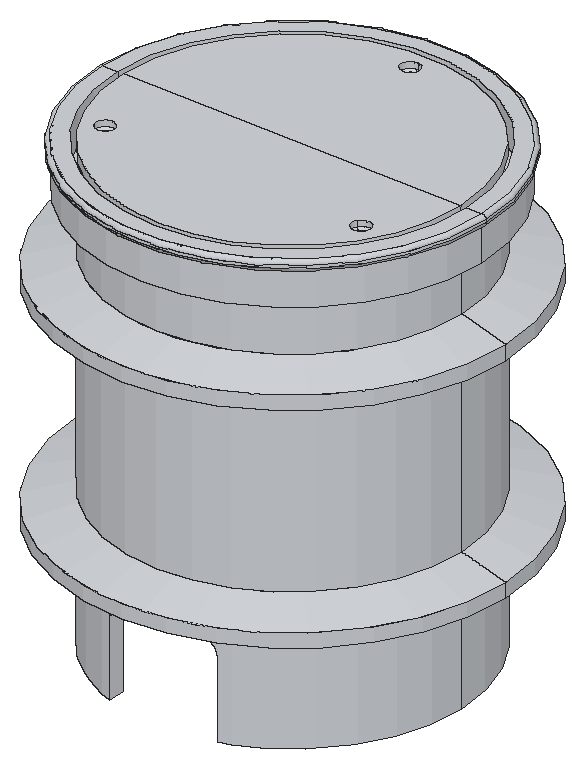
Revit family
Parameters
  Rad [instance] = 0' - 4"
  Model = "C1300-MF"
  Manufacturer = "MIFAB"
  Description = "HEAVY DUTY CLEANOUT ACCESS HOUSING ASSEMBLY"
Reference planes (in)
  plane 1 "Center (Front/Back)": y = 0
  plane 2: z = 0
  plane 3 "Center (Left/Right)": x = 0
Forms (in)
  Revolve 1, solid
    sketch origin (-100, 0, -11.37901) x (1, 0, 0) y (0, 0, 1)
      loop
        line (95.62, 10.49891) -> (95.62, 9.13) -> (94.495, 8.80741) -> (94.495, 8.45259) -> (95.62, 8.13) -> (95.62, 3.63) -> (94.495, 3.30741) -> (94.495, 2.95259) -> (95.62, 2.63) -> (95.62, 0) -> (96, 0) -> (96, 10.85891) -> (95.495, 10.85891) -> (95.495, 11.62891) -> (95.095, 11.62891)
        arc (95.095, 11.62891) -> (95.02429, 11.59962) -> (94.995, 11.52891) r 0.1
        line (94.995, 11.52891) -> (94.995, 11.45901)
        arc (94.995, 11.45901) -> (95.01843, 11.40244) -> (95.075, 11.37901) r 0.08
        line (95.075, 11.37901) -> (95.115, 11.37901) -> (95.115, 10.49891) -> (95.62, 10.49891)
      loop
        line (100, 11.37901) -> (100, 11.62891) -> (95.645, 11.62891) -> (95.645, 11.37901) -> (100, 11.37901)
      axis (100, 0) -> (100, 11.62891)
    angle from 0 to 360
  Extrusion 2, void
    sketch origin (0, 0, -11.37901) x (1, 0, 0) y (0, 0, 1)
      loop
        arc (1.3875, 1.95) -> (1.24105, 2.30355) -> (0.8875, 2.45) r 0.5
        line (0.8875, 2.45) -> (-0.8875, 2.45)
        arc (-0.8875, 2.45) -> (-1.24105, 2.30355) -> (-1.3875, 1.95) r 0.5
        line (-1.3875, 1.95) -> (-1.3875, 0) -> (1.3875, 0) -> (1.3875, 1.95)
    from 3.64751 to 4.50087
  Revolve 3, void
    sketch origin (0, 0, 0) x (1, 0, 0) y (0, 0, 1)
      loop
        line (-5.495, 0) -> (-5.495, -12) -> (0, -12) -> (0, 0) -> (-5.495, 0)
      axis (0, -12) -> (0, 0)
    angle from 0 to 360
  Revolve 4, void
    sketch origin (0, 0, -11.38901) x (0.866025, -0.5, 0) y (0, 0, 1)
      loop
        line (3.96875, 11.44141) -> (4.0475, 11.50391) -> (4.0475, 11.63891) -> (3.8125, 11.63891) -> (3.8125, 11.38901) -> (3.96875, 11.38901) -> (3.96875, 11.44141)
      axis (3.8125, 11.38901) -> (3.8125, 11.63891)
    angle from 0 to 360
  Revolve 5, void
    sketch origin (0, 0, -11.38901) x (0, 1, 0) y (0, 0, -1)
      loop
        line (3.96875, -11.44141) -> (3.96875, -11.38901) -> (3.8125, -11.38901) -> (3.8125, -11.63891) -> (4.0475, -11.63891) -> (4.0475, -11.50391) -> (3.96875, -11.44141)
      axis (3.8125, -11.38901) -> (3.8125, -11.63891)
    angle from 0 to 360
  Revolve 6, void
    sketch origin (0, 0, -11.38901) x (-0.866025, -0.5, 0) y (0, 0, -1)
      loop
        line (3.96875, -11.44141) -> (3.96875, -11.38901) -> (3.8125, -11.38901) -> (3.8125, -11.63891) -> (4.0475, -11.63891) -> (4.0475, -11.50391) -> (3.96875, -11.44141)
      axis (3.8125, -11.38901) -> (3.8125, -11.63891)
    angle from 0 to 360
Cuts and joins
  Extrusion 2, Revolve 4, Revolve 5, Revolve 6 cuts Revolve 1
Lines and regions (in)
  sketch lines
    curve 1: line (-60, 60, 0) -> (60, 60, 0)
    curve 2: line (-60, 60, 0) -> (-60, -60, 0)
    curve 3: line (-60, -60, 0) -> (60, -60, 0)
    curve 4: line (60, 60, 0) -> (60, -60, 0)
Dimensions and locks (in)
  equal spacing: curve 3, plane 1 "Center (Front/Back)", curve 1
  equal spacing: curve 4, plane 3 "Center (Left/Right)", curve 2
  curve 3 to curve 1 = 10' - 0"
  curve 2 to curve 4 = 10' - 0"
  "Rad": plane 3 "Center (Left/Right)" to Revolve 1 sketch curve
  aligned: cut or joined group of Revolve 1, Extrusion 2, Revolve 4, Revolve 5, Revolve 6 to Revolve 6 sketch curve
Automatic sketch dimensions
  Extrusion 2 sketch curve to plane 3 "Center (Left/Right)" = 0' - 1.3875"
  Extrusion 2 sketch curve to Extrusion 2 sketch curve = 0' - 0 1/2"
  plane 3 "Center (Left/Right)" to Extrusion 2 sketch curve = 0' - 0.8875"
  plane 3 "Center (Left/Right)" to Extrusion 2 sketch curve = 0' - 1.3875"
  Extrusion 2 sketch curve to level = 0' - 11.37901"
  Extrusion 2 sketch curve to Extrusion 2 sketch curve = 0' - 1.95"
  Revolve 3 sketch curve to level = 0' - 0"
  Revolve 3 sketch curve to plane 3 "Center (Left/Right)" = 0' - 0"  (x2)
  Revolve 3 sketch curve to Revolve 3 sketch curve = 0' - 5.495"
  Revolve 3 sketch curve to Revolve 3 sketch curve = 0' - 6"  (x2)
  Revolve 3 sketch curve to Revolve 3 sketch curve = 0' - 0"
  level to Revolve 4 sketch curve = 0' - 0.38129"
  Revolve 4 sketch curve to Revolve 4 sketch curve = 0' - 0"
  Revolve 4 sketch curve to Revolve 4 sketch curve = 0' - 0 5/32"
  Revolve 4 sketch curve to Revolve 4 sketch curve = 0' - 0.07875"
  Revolve 4 sketch curve to Revolve 4 sketch curve = 0' - 0.14139"
  Revolve 4 sketch curve to Revolve 4 sketch curve = 0' - 0.01"
  Revolve 4 sketch curve to Revolve 4 sketch curve = 0' - 0.135"
  Revolve 4 sketch curve to Revolve 4 sketch curve = 0' - 0 1/16"
  Revolve 4 sketch curve to Revolve 4 sketch curve = 0' - 0.0524"
  Revolve 5 sketch curve to plane 1 "Center (Front/Back)" = 0' - 3 13/16"
  Revolve 5 sketch curve to Revolve 5 sketch curve = 0' - 0"
  Revolve 5 sketch curve to Revolve 5 sketch curve = 0' - 0 5/32"
  Revolve 5 sketch curve to Revolve 5 sketch curve = 0' - 0.07875"
  level to Revolve 5 sketch curve = 0' - 0.38129"
  Revolve 5 sketch curve to Revolve 5 sketch curve = 0' - 0.14139"
  Revolve 5 sketch curve to Revolve 5 sketch curve = 0' - 0.01"
  Revolve 5 sketch curve to Revolve 5 sketch curve = 0' - 0.135"
  Revolve 5 sketch curve to Revolve 5 sketch curve = 0' - 0 1/16"
  Revolve 5 sketch curve to Revolve 5 sketch curve = 0' - 0.0524"
  level to Revolve 6 sketch curve = 0' - 0.38129"
  Revolve 6 sketch curve to Revolve 6 sketch curve = 0' - 0"
  Revolve 6 sketch curve to Revolve 6 sketch curve = 0' - 0 5/32"
  Revolve 6 sketch curve to Revolve 6 sketch curve = 0' - 0.07875"
  Revolve 6 sketch curve to Revolve 6 sketch curve = 0' - 0.14139"
  Revolve 6 sketch curve to Revolve 6 sketch curve = 0' - 0.01"
  Revolve 6 sketch curve to Revolve 6 sketch curve = 0' - 0.135"
  Revolve 6 sketch curve to Revolve 6 sketch curve = 0' - 0 1/16"
  Revolve 6 sketch curve to Revolve 6 sketch curve = 0' - 0.0524"
  Revolve 1 sketch curve to level = 0' - 0"  (x2)
  Revolve 1 sketch curve to plane 3 "Center (Left/Right)" = 0' - 0"  (x2)
  Revolve 1 sketch curve to Revolve 1 sketch curve = 0' - 0.355"
  Revolve 1 sketch curve to Revolve 1 sketch curve = 0' - 0.38"
  Revolve 1 sketch curve to Revolve 1 sketch curve = 0' - 0"  (x2)
  Revolve 1 sketch curve to Revolve 1 sketch curve = 0' - 0.505"
  Revolve 1 sketch curve to Revolve 1 sketch curve = 0' - 0.02"
  Revolve 1 sketch curve to Revolve 1 sketch curve = 0' - 0.04"
  Revolve 1 sketch curve to Revolve 1 sketch curve = 0' - 0.08"
  Revolve 1 sketch curve to level = 0' - 2.57159"
  Revolve 1 sketch curve to Revolve 1 sketch curve = 0' - 1 1/8"  (x3)
  Revolve 1 sketch curve to Revolve 1 sketch curve = 0' - 0.35482"  (x2)
  Revolve 1 sketch curve to Revolve 1 sketch curve = 0' - 0.32259"  (x2)
  Revolve 1 sketch curve to Revolve 1 sketch curve = 0' - 3.68"
  Revolve 1 sketch curve to Revolve 1 sketch curve = 0' - 0.82"
  Revolve 1 sketch curve to Revolve 1 sketch curve = 0' - 1"  (x2)
  Revolve 1 sketch curve to Revolve 1 sketch curve = 0' - 2"
  Revolve 1 sketch curve to Revolve 1 sketch curve = 0' - 2.63"
  Revolve 1 sketch curve to level = 0' - 0.8801"
  Revolve 1 sketch curve to Revolve 1 sketch curve = 0' - 0.0699"
  Revolve 1 sketch curve to Revolve 1 sketch curve = 0' - 0 1/8"
  Revolve 1 sketch curve to Revolve 1 sketch curve = 0' - 0.36"
Connectors (in)
  piping at (0, 0, -11.37901), driven by "Rad"
    settings: on cut or joined group of Revolve 1, Extrusion 2, Revolve 4, Revolve 5, Revolve 6, index 1
